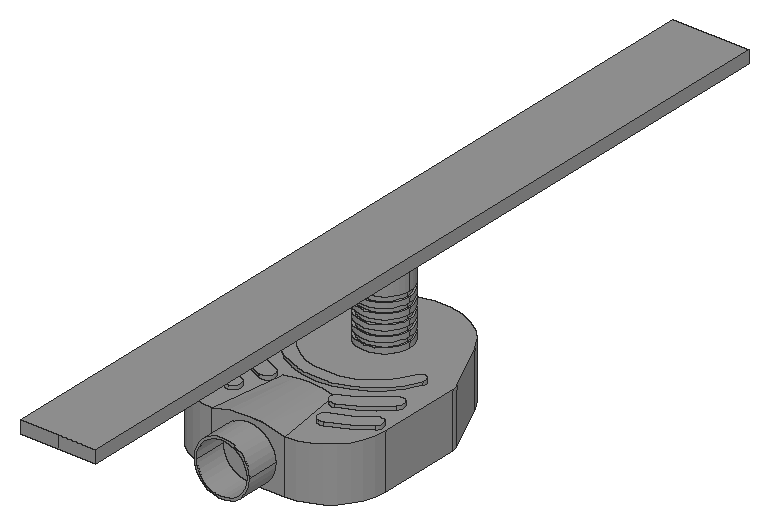
Revit family "LINEA INFLOOR LINE 80", category Plumbing Fixtures, Revit 2019
Family settings
  Round Connector Dimension = Use Diameter
  Part Type = Normal
  OmniClass Number = 23.45.00.00
  OmniClass Title = Sanitary, Laundry, and Cleaning Equipment
  Work Plane-Based = No
  Always vertical = Yes
  Cut with Voids When Loaded = No
  Shared = No
  Room Calculation Point = No
Reference planes
  plane 1 "Center (Front/Back)": y = 0
  plane 2: z = 0
  plane 3 "Center (Left/Right)": x = 0
Forms (mm)
  Revolve 1, solid
    sketch origin (0, 59.948, 26) x (1, 0, 0) y (0, 0, 1)
      loop
        line (192.5, 0) -> (192.5, -106) -> (217.5, -106) -> (217.5, -103) -> (215.26, -103) -> (215.26, -98) -> (217.5, -98) -> (217.5, -93) -> (215.26, -93) -> (215.26, -88) -> (217.5, -88) -> (217.5, -83) -> (215.26, -83) -> (215.26, -78) -> (217.5, -78) -> (217.5, -73) -> (215.26, -73) -> (215.26, -68) -> (217.5, -68) -> (217.5, -63) -> (215.26, -63) -> (215.26, -58) -> (217.5, -58) -> (217.5, -53) -> (215.26, -53) -> (215.26, -48) -> (217.5, -48) -> (217.5, -43) -> (215.26, -43) -> (215.26, -38) -> (217.5, -38) -> (217.5, -33) -> (215.26, -33) -> (215.26, -28) -> (217.5, -28) -> (217.5, 0) -> (192.5, 0)
      axis (192.5, -106) -> (192.5, 0)
    angle from 0 to 360
  Extrusion 2, solid
    sketch origin (0, 0, 0) x (1, 0, 0) y (0, 1, 0)
      loop
        line (101.5, 29.896) -> (101.5, -52.052)
        arc (101.5, -52.052) -> (117.609, -90.943) -> (156.5, -107.052) r 55
        line (156.5, -107.052) -> (228.5, -107.052)
        arc (228.5, -107.052) -> (267.391, -90.943) -> (283.5, -52.052) r 55
        line (283.5, -52.052) -> (283.5, 29.896)
        arc (283.5, 29.896) -> (283.085, 33.627) -> (281.862, 37.176) r 17
        line (281.862, 37.176) -> (256.659, 90.355)
        arc (256.659, 90.355) -> (192.5, 130.948) -> (128.341, 90.355) r 71
        line (128.341, 90.355) -> (103.138, 37.176)
        arc (103.138, 37.176) -> (101.915, 33.627) -> (101.5, 29.896) r 17
    from -106 to -53
  Extrusion 3, solid
    sketch origin (0, 0, 7.5) x (1, 0, 0) y (0, 0, 1)
      loop
        circle (192.5, -87) r 25
      loop
        circle (192.5, -87) r 27
    from 87.052 to 139.052
  Blend 4, solid
    base sketch origin (0, 0, 0) x (1, 0, 0) y (0, 0, 1)
      loop
        line (156.5, -53) -> (228.5, -53)
        arc (228.5, -53) -> (192.5, -47) -> (156.5, -53) r 111
    top sketch origin (0, 0, 0) x (1, 0, 0) y (0, 0, 1)
      loop
        line (167.222, -53) -> (217.778, -53)
        arc (217.778, -53) -> (192.5, -50) -> (167.222, -53) r 108
    from 107.052 to 33.19
  Extrusion 5, solid
    sketch origin (0, 0, 0) x (1, 0, 0) y (0, 1, 0)
      loop
        arc (135.068, 26.59) -> (127.25, 29.888) -> (123.952, 22.07) r 6
        arc (123.952, 22.07) -> (192.5, -24.052) -> (261.048, 22.07) r 74
        arc (261.048, 22.07) -> (257.75, 29.888) -> (249.932, 26.59) r 6
        arc (249.932, 26.59) -> (192.5, -12.052) -> (135.068, 26.59) r 62
      loop
        arc (126.84, -10.134) -> (115.996, -9.345) -> (115.733, -20.215) r 7.509
        arc (115.733, -20.215) -> (133.807, -35.907) -> (154.989, -47.052) r 104
        arc (154.989, -47.052) -> (164.69, -42.762) -> (160.399, -33.062) r 7.5
        arc (160.399, -33.062) -> (142.294, -23.539) -> (126.84, -10.134) r 89
      loop
        arc (119.682, -44.172) -> (108.999, -44.172) -> (108.999, -54.855) r 7.554
        arc (108.999, -54.855) -> (125.817, -66.282) -> (144.169, -75.033) r 134
        arc (144.169, -75.033) -> (153.869, -70.743) -> (149.579, -61.042) r 7.5
        arc (149.579, -61.042) -> (134.019, -53.691) -> (119.682, -44.172) r 119
      loop
        arc (258.16, -10.134) -> (242.706, -23.539) -> (224.601, -33.062) r 89
        arc (224.601, -33.062) -> (220.31, -42.762) -> (230.011, -47.052) r 7.5
        arc (230.011, -47.052) -> (251.193, -35.907) -> (269.267, -20.215) r 104
        arc (269.267, -20.215) -> (269.004, -9.345) -> (258.16, -10.134) r 7.509
      loop
        arc (265.318, -44.172) -> (250.981, -53.691) -> (235.421, -61.042) r 119
        arc (235.421, -61.042) -> (231.131, -70.743) -> (240.831, -75.033) r 7.5
        arc (240.831, -75.033) -> (259.183, -66.282) -> (276.001, -54.855) r 134
        arc (276.001, -54.855) -> (276.001, -44.172) -> (265.318, -44.172) r 7.554
    from -53 to -49.925
  Extrusion 6, solid
    sketch origin (0, 0, 0) x (1, 0, 0) y (0, 1, 0)
      loop
        line (192.5, -340.052) -> (229.5, -340.052) -> (229.5, 459.948) -> (192.5, 459.948) -> (155.5, 459.948) -> (155.5, -340.052) -> (192.5, -340.052)
    from 26 to 38.43
Cuts and joins
  joined: Extrusion 2, Extrusion 3, Blend 4
Dimensions and locks
  aligned and locked: level to plane 2
Connectors
  piping at (192.5, -139.052, -79.5), diameter 50
    settings: on cut or joined group of Extrusion 2, Extrusion 3, Blend 4, index 1, connector inside diameter 609.6 mm, connector length 0 mm, flow factor 0, pipe flow 0.0 L/s, pressure drop 0.0 Pa, fitting loss kfactor 0, connector angle 0.00°, fixture units 0, engagement length 0 mm, angle of deflection 0.00°, flow configuration 0, flow direction 0, fitting loss method 0, system type 7, joint type 0, gender type 0, connector reference index -1, connector utility 0, adjustable connector no, is connector primary yes, connector description ""
